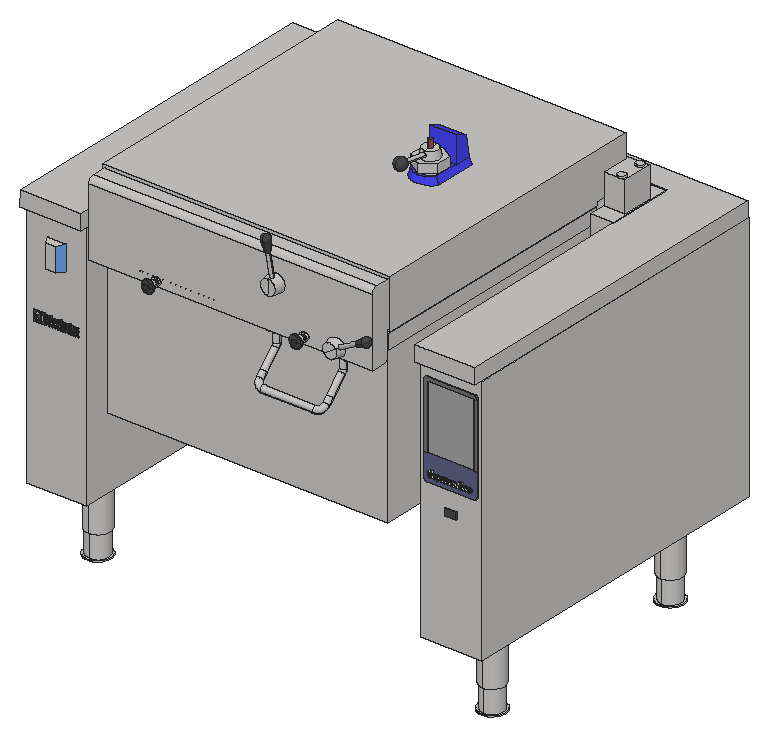
Revit family "QF_ELECTROLUXPROFESSIONAL_587142_PUET09ECIO", category Attrezzature speciali, Revit 2020
Family settings
  Quota connettore circolare = Usa diametro
  Tipo di parte = Normale
  Basato su piano di lavoro = No
  Sempre verticale = Sì
  Taglio con vuoti quando caricato = No
  Condiviso = No
  Punto di calcolo locali = No
Parameters (values of type "Standard")
  Weight = 240.00 kg
  Watts = 15500 W
  Volts = 440 V
  URL Manufacturer = "https://www.electroluxprofessional.com/"
  URL = "https://www.electroluxprofessional.com/"
  Steam Supply Size = 0 mm
  Steam Supply Minimum Pressure = 0.0 Pa
  Steam Supply Maximum Pressure = 0.0 Pa
  Steam Consumption per Hour = 0
  Refrigeration Suction Line Size = 0.0 mm
  Refrigeration Liquid Line Size = 0.0 mm
  Refrigerant Compressor Remote = yes
  Prospetto di default = 0.0 mm
  Produttore = "Electrolux Professional"
  Phase = 3
  Modello = "PUET09ECIO"
  Length Actual = 1200.0 mm  # constant formula
  Item Number = "587142"
  Hot Water Size = 12.7 mm
  Height Actual = 700.0 mm  # constant formula
  HP = "20.8 HP"
  Gas Size = 0 mm
  Gas KW = 0
  Gas Input Pressure = 0 W
  Direct Waste Size = 0 mm
  Descrizione = "ELECTRIC TILTING PRESSURE BRAISING PAN+STEAM+CTS, 90LT,440V,FS,MARINE"
  Depth Actual = 900.0 mm  # constant formula
  Cycle = 50 Hz
  Condensate Return Size = 0 mm
  Compressed Air Volume = 0.0 L/s
  Compressed Air Size = 0 mm
  Compressed Air Pressure = 0.0 Pa
  Cold Water Size = 12.7 mm
  Accessory = yes
Reference planes
  plane 1 "Center (Front/Back)": y = 0
  plane 2: z = 0
  plane 3 "Center (Left/Right)": x = 0
  plane 4 "LEFT": x = -600
  plane 5 "RIGHT": x = 600
  plane 6 "BACK": y = 450
  plane 7 "FRONT": y = -450
  plane 8 "Base": z = 200
  plane 9 "TOP": z = 900
  plane 10: x = -440
  plane 11: x = 440
  plane 12 "Axe_PentolaY": y = -230
  plane 13 "AxePentolaZ": z = 730
  plane 14 "PLANE_TOP": z = 860
  plane 15: y = 380
  plane 16: z = 863
  plane 17: z = 455
  plane 18: z = 299
  plane 19: y = -470
  plane 20 "CentroPentolaY": y = -158
  plane 21 "TopCoperchio": z = 1128
  plane 22 "Versamento": z = 910
  plane 23 "V1": through (-107.18, -558, 4000) normal (-0.7071, -0.7071, 0)
  plane 24 "V2": through (107.18, -558, 4000) normal (-0.7071, 0.7071, 0)
  plane 25 "Gfront": y = -1300
  plane 26 "LEVEL": through (-245.562, -289.383, 4000) normal (0.866, 0.5, 0)
  plane 27 "GRight": x = 250
  plane 28 "GLeft": x = -250
  plane 29 "Gback": y = -100
  plane 30: z = 1789
  plane 31 "Ribaltamento": y = -540
  plane 32 "AxeL": x = -520
  plane 33 "AxeR": x = 520
  plane 34 "Pentola_Back": y = 226
  plane 35 "Pentola_L": x = -370.5
  plane 36 "Pentola_R": x = 370.5
  plane 37: x = -310.5
  plane 38 "axeC1": x = -380
  plane 39 "axeC2": x = 380
  plane 40: z = 395
  plane 41 "CylTop": x = 175
  plane 42 "Maniglione": z = 840
  plane 43 "B1": x = -195
  plane 44 "B2": x = 195
  plane 45 "2Buttons": z = 851.594
Forms (mm)
  Revolve 1, solid, material "QF_Finishes_Stainless Steel"
    sketch origin (0, 0, 730) x (-1, 0, 0) y (0, -1, 0)
      loop
        line (440, 230) -> (-440, 230) -> (-440, 140) -> (-430, 140) -> (-430, 173) -> (430, 173) -> (430, 140) -> (440, 140) -> (440, 230)
      axis (440, 230) -> (-440, 230)
    angle from 0 to 360
  Extrusion 2, solid, material "QF_Finishes_Stainless Steel"
    sketch origin (0, 0, 860) x (-1, 0, 0) y (0, -1, 0)
      loop
        line (600, 450) -> (440, 450) -> (440, -380) -> (-440, -380) -> (-440, 450) -> (-600, 450) -> (-600, -450) -> (600, -450) -> (600, 450)
    from 0 to 40
  Extrusion 3, solid, material "QF_Finishes_Stainless Steel"
    sketch origin (0, 0, 860) x (-1, 0, 0) y (0, -1, 0)
      loop
        line (440, -380) -> (-440, -380) -> (-440, -450) -> (440, -450) -> (440, -380)
    from 0 to -360
  Extrusion 4, solid, material "QF_Finishes_Stainless Steel"
    sketch origin (0, 0, 0) x (0, 1, 0) y (0, 0, 1)
      loop
        line (226, 863) -> (-450, 863) -> (-450, 455) -> (138, 455) -> (226, 643.717) -> (226, 863)
    from -370.5 to 370.5
  Extrusion 5, solid, material "QF_Finishes_Stainless Steel"
    sketch origin (0, 0, 0) x (0, 1, 0) y (0, 0, 1)
      loop
        line (232, 863) -> (232, 900) -> (-450, 900) -> (-450, 863) -> (232, 863)
    from -371 to 371
  Extrusion 6, solid, material "QF_Finishes_Stainless Steel"
    sketch origin (0, 0, 0) x (0, 1, 0) y (0, 0, 1)
      loop
        line (322, 1040) -> (-454, 1040) -> (-454, 910) -> (226, 910) -> (226, 920) -> (322, 920) -> (322, 1040)
    from -379 to 379
  Extrusion 7, solid, material "QF_Finishes_Stainless Steel"
    sketch origin (0, 0, 0) x (0, 1, 0) y (0, 0, 1)
      loop
        line (-454, 1033) -> (-491.635, 1033)
        arc (-491.635, 1033) -> (-502.242, 1028.607) -> (-506.635, 1018) r 15
        line (-506.635, 1018) -> (-506.635, 840) -> (-469, 840)
        arc (-469, 840) -> (-461.929, 842.929) -> (-459, 850) r 10
        line (-459, 850) -> (-459, 915) -> (-454, 915) -> (-454, 1033)
    from -374 to 374
  Extrusion 8, solid, material "QF_Finishes_Stainless Steel"
    sketch origin (0, 0, 0) x (0, 1, 0) y (0, 0, 1)
      loop
        line (380, 900) -> (205, 900) -> (205, 500) -> (380, 500) -> (380, 900)
    from -440 to -380
  Extrusion 9, solid, material "QF_Finishes_Stainless Steel"
    sketch origin (0, -450, 0) x (-1, 0, 0) y (0, 0, 1)
      loop
        line (437.337, 980) -> (379, 980) -> (379, 925) -> (382.237, 925) -> (382.237, 900) -> (437.337, 900) -> (437.337, 980)
    from 700 to 780
  Extrusion 10, solid, material "QF_Finishes_Stainless Steel"
    sketch origin (0, 0, 0) x (0, 1, 0) y (0, 0, -1)
      loop
        line (380, -900) -> (380, -500) -> (205, -500) -> (205, -900) -> (380, -900)
    from -440 to -380
  Extrusion 11, solid, material "QF_Finishes_Stainless Steel"
    sketch origin (0, -450, 0) x (1, 0, 0) y (0, 0, -1)
      loop
        line (435, -980) -> (435, -900) -> (382.237, -900) -> (382.237, -925) -> (379, -925) -> (379, -980) -> (435, -980)
    from 700 to 780
  Extrusion 12, solid, material "QF_Door-Drawer Clearances", detail levels coarse
    sketch origin (0, 53.912, -5.039) x (0, 1, 0) y (0, 0, 1)
      loop
        line (285.597, 942.365) -> (326.088, 958.724) -> (61.023, 1686.986) -> (56.324, 1685.276) -> (39.223, 1732.26) -> (-10.336, 1714.222) -> (-16.625, 1723.204) -> (44.811, 1766.222) -> (47.679, 1762.126) -> (68.307, 1773.56) -> (53.967, 1794.039) -> (36.168, 1778.566) -> (39.036, 1774.47) -> (-22.401, 1731.452) -> (-26.038, 1736.646) -> (-53.912, 1726.501) -> (-53.912, 1698.362) -> (-144.017, 1665.566)
        arc (-144.017, 1665.566) -> (-428.228, 1400.497) -> (-556.518, 1033.645) r 811.154
        arc (-556.518, 1033.645) -> (-551.652, 1036.897) -> (-545.912, 1038.039) r 15
        line (-545.912, 1038.039) -> (-507.912, 1038.039) -> (-507.912, 1045.039) -> (268.088, 1045.039) -> (268.088, 987.365) -> (285.597, 987.365) -> (285.597, 942.365)
      loop
        line (-503.912, 515.039) -> (-503.912, 845.039) -> (-576.071, 845.039)
        arc (-576.071, 845.039) -> (-586.466, 669.876) -> (-503.912, 515.039) r 323.607
    from 105 to -105
  Extrusion 13, solid, material "QF_Finishes_Stainless Steel"
    sketch origin (0, 0, 900) x (0, 1, 0) y (-1, 0, 0)
      loop
        circle (320, 418.441) r 10
      loop
        circle (260, 418.441) r 10
      loop
        circle (320, -418.441) r 10
      loop
        circle (260, -418.441) r 10
    from 82.326 to 80
  Revolve 14, solid, material "QF_Plastic-Black-Matte"
    sketch origin (0, 0, 851.594) x (-1, 0, 0) y (0, -1, 0)
      loop
        line (203.234, 529.683) -> (210.348, 533.79)
        arc (210.348, 533.79) -> (211.528, 535.834) -> (210.348, 537.878) r 2.36
        line (210.348, 537.878) -> (203.234, 540) -> (195, 540) -> (195, 529.683) -> (203.234, 529.683)
      axis (195, 529.683) -> (195, 540)
    angle from 0 to 360
  Revolve 15, solid, material "QF_Finishes_Stainless Steel"
    sketch origin (0, 0, 851.594) x (-1, 0, 0) y (0, -1, 0)
      loop
        line (195, 506.635) -> (205.299, 506.635) -> (205.299, 511.677) -> (200.299, 511.677) -> (200.299, 519.683) -> (203.234, 519.683) -> (203.234, 529.683) -> (195, 529.683) -> (195, 506.635)
      axis (195, 506.635) -> (195, 529.683)
    angle from 0 to 360
  Revolve 16, solid, material "QF_Plastic-Black-Matte"
    sketch origin (390, 0, 858.402) x (-1, 0, 0) y (0, -1, 0)
      loop
        line (203.234, 529.683) -> (210.348, 533.79)
        arc (210.348, 533.79) -> (211.528, 535.834) -> (210.348, 537.878) r 2.36
        line (210.348, 537.878) -> (203.234, 540) -> (195, 540) -> (195, 529.683) -> (203.234, 529.683)
      axis (195, 529.683) -> (195, 540)
    angle from 0 to 360
  Revolve 17, solid, material "QF_Finishes_Stainless Steel"
    sketch origin (390, 0, 858.402) x (-1, 0, 0) y (0, -1, 0)
      loop
        line (195, 506.635) -> (205.299, 506.635) -> (205.299, 511.677) -> (200.299, 511.677) -> (200.299, 519.683) -> (203.234, 519.683) -> (203.234, 529.683) -> (195, 529.683) -> (195, 506.635)
      axis (195, 506.635) -> (195, 529.683)
    angle from 0 to 360
Lines and regions (mm)
  symbolic lines
    curve 1: line (600, 450, 900) -> (-600, 450, 900)
    curve 2: line (600, -450, 900) -> (600, 450, 900)
    curve 3: line (-600, 450, 900) -> (-600, -450, 900)
    curve 4: line (-600, -450, 900) -> (-440, -450, 900)
    curve 5: line (-440, -450, 900) -> (-440, 380, 900)
    curve 6: line (440, -450, 900) -> (600, -450, 900)
    curve 7: line (430, -140, 900) -> (430, -320, 900)
    curve 8: line (-430, -140, 900) -> (-430, -320, 900)
    curve 9: line (-430, -140, 900) -> (-440, -140, 900)
    curve 10: line (-430, -320, 900) -> (-440, -320, 900)
    curve 11: line (430, -140, 900) -> (440, -140, 900)
    curve 12: line (430, -320, 900) -> (440, -320, 900)
    curve 17: line (-430, -172.761, 900) -> (-375.169, -172.761, 900)
    curve 18: line (-430, -286.868, 900) -> (-376.5, -286.868, 900)
    curve 19: line (430, -172.761, 900) -> (376.5, -172.761, 900)
    curve 20: line (430, -286.868, 900) -> (376.5, -286.868, 900)
    curve 39: line (600, 380, 900) -> (-600, 380, 900)
    curve 40: line (440, 270, 900) -> (440, -450, 900)
    curve 41: line (-379, -454, 900) -> (379, -454, 900)
    curve 42: line (-379, 322, 900) -> (-379, -454, 900)
    curve 43: line (379, 322, 900) -> (-379, 322, 900)
    curve 44: line (379, -454, 900) -> (379, 322, 900)
    curve 45: line (-379, 322, 900) -> (-379, 330, 900)
    curve 46: line (-379, 330, 900) -> (-437.337, 330, 900)
    curve 47: line (-437.337, 330, 900) -> (-437.337, 250, 900)
    curve 48: line (-437.337, 250, 900) -> (-379, 250, 900)
    curve 49: line (-440, 205, 900) -> (-379, 205, 900)
    curve 50: circle (-418.441, 320, 900) r 10 normal (0, 0, 1)
    curve 51: circle (-418.441, 260, 900) r 10 normal (0, 0, 1)
    curve 52: line (379, 322, 900) -> (379, 330, 900)
    curve 53: line (379, 330, 900) -> (435, 330, 900)
    curve 54: line (435, 330, 900) -> (435, 250, 900)
    curve 55: line (435, 250, 900) -> (379, 250, 900)
    curve 56: line (440, 205, 900) -> (379, 205, 900)
    curve 57: circle (418.441, 320, 900) r 10 normal (0, 0, 1)
    curve 58: circle (418.441, 260, 900) r 10 normal (0, 0, 1)
    curve 59: line (-205.299, -506.635, 900) -> (-205.299, -511.677, 900)
    curve 60: line (-205.299, -511.677, 900) -> (-184.701, -511.677, 900)
    curve 61: line (-184.701, -511.677, 900) -> (-184.701, -506.635, 900)
    curve 62: line (-200.299, -519.683, 900) -> (-200.299, -511.677, 900)
    curve 63: line (-189.701, -519.683, 900) -> (-189.701, -511.677, 900)
    curve 64: line (-203.234, -519.683, 900) -> (-186.766, -519.683, 900)
    curve 65: line (-186.766, -519.683, 900) -> (-186.766, -529.683, 900)
    curve 66: line (-186.766, -529.683, 900) -> (-203.234, -529.683, 900)
    curve 67: line (-203.234, -529.683, 900) -> (-203.234, -519.683, 900)
    curve 68: line (-186.766, -529.683, 900) -> (-179.646, -533.794, 900)
    curve 69: line (-203.234, -540, 900) -> (-186.766, -540, 900)
    curve 70: line (-186.766, -540, 900) -> (-179.652, -537.878, 900)
    curve 71: line (-203.234, -540, 900) -> (-210.348, -537.878, 900)
    curve 72: arc (-179.652, -537.878, 900) -> (-178.468, -535.838, 900) -> (-179.646, -533.794, 900) r 2.356
    curve 73: line (-203.234, -529.683, 900) -> (-210.354, -533.794, 900)
    curve 74: arc (-210.348, -537.878, 900) -> (-211.532, -535.838, 900) -> (-210.354, -533.794, 900) r 2.356
    curve 75: line (184.701, -506.635, 900) -> (184.701, -511.677, 900)
    curve 76: line (184.701, -511.677, 900) -> (205.299, -511.677, 900)
    curve 77: line (205.299, -511.677, 900) -> (205.299, -506.635, 900)
    curve 78: line (189.701, -519.683, 900) -> (189.701, -511.677, 900)
    curve 79: line (200.299, -519.683, 900) -> (200.299, -511.677, 900)
    curve 80: line (186.766, -519.683, 900) -> (203.234, -519.683, 900)
    curve 81: line (203.234, -519.683, 900) -> (203.234, -529.683, 900)
    curve 82: line (203.234, -529.683, 900) -> (186.766, -529.683, 900)
    curve 83: line (186.766, -529.683, 900) -> (186.766, -519.683, 900)
    curve 84: line (203.234, -529.683, 900) -> (210.354, -533.794, 900)
    curve 85: line (186.766, -540, 900) -> (203.234, -540, 900)
    curve 86: line (203.234, -540, 900) -> (210.348, -537.878, 900)
    curve 87: line (186.766, -540, 900) -> (179.652, -537.878, 900)
    curve 88: arc (210.348, -537.878, 900) -> (211.532, -535.838, 900) -> (210.354, -533.794, 900) r 2.356
    curve 89: line (186.766, -529.683, 900) -> (179.646, -533.794, 900)
    curve 90: arc (179.652, -537.878, 900) -> (178.468, -535.838, 900) -> (179.646, -533.794, 900) r 2.356
    curve 92: line (-379, -454, 900) -> (-379, -506.635, 900)
    curve 93: line (-379, -506.635, 900) -> (374, -506.635, 900)
    curve 94: line (374, -506.635, 900) -> (374, -454, 900)
  symbolic lines, style "SpecialityEquipmentHiddenLines"
    curve 13: line (-250, -1300, 900) -> (250, -1300, 900)
    curve 14: line (-250, -100, 900) -> (-250, -1300, 900)
    curve 15: line (250, -1300, 900) -> (250, -100, 900)
    curve 37: line (0, -1165.484, 900) -> (0, -1135.484, 900)
    curve 38: line (-15, -1150.484, 900) -> (15, -1150.484, 900)
    curve 91: line (-250, -100, 900) -> (250, -100, 900)
  symbolic lines, style "SpecialityEquipment"
    curve 16: circle (0, -1150.484, 900) r 15 normal (0, 0, 1)
    curve 21: line (210, -1300, 900) -> (210, -1100, 900)
    curve 22: line (170, -1300, 900) -> (170, -1140, 900)
    curve 23: line (130, -1300, 900) -> (130, -1180, 900)
    curve 24: line (90, -1300, 900) -> (90, -1220, 900)
    curve 25: line (90, -1260, 900) -> (250, -1260, 900)
    curve 26: line (130, -1220, 900) -> (250, -1220, 900)
    curve 27: line (170, -1180, 900) -> (250, -1180, 900)
    curve 28: line (210, -1140, 900) -> (250, -1140, 900)
    curve 29: line (-210, -1300, 900) -> (-210, -1100, 900)
    curve 30: line (-170, -1300, 900) -> (-170, -1140, 900)
    curve 31: line (-130, -1300, 900) -> (-130, -1180, 900)
    curve 32: line (-90, -1300, 900) -> (-90, -1220, 900)
    curve 33: line (-90, -1260, 900) -> (-250, -1260, 900)
    curve 34: line (-130, -1220, 900) -> (-250, -1220, 900)
    curve 35: line (-170, -1180, 900) -> (-250, -1180, 900)
    curve 36: line (-210, -1140, 900) -> (-250, -1140, 900)
Dimensions and locks
  plane 4 "LEFT" to plane 5 "RIGHT" = 1200.0 mm
  equal spacing: plane 4 "LEFT", plane 3 "Center (Left/Right)", plane 5 "RIGHT"
  equal spacing: plane 6 "BACK", plane 1 "Center (Front/Back)", plane 7 "FRONT"
  plane 6 "BACK" to plane 7 "FRONT" = 900.0 mm
  plane 8 "Base" to level = 200.0 mm
  plane 9 "TOP" to level = 900.0 mm
  plane 9 "TOP" to plane 8 "Base" = 700.0 mm
  locked: plane 4 "LEFT" to plane 10 at 160
  locked: plane 11 to plane 5 "RIGHT" at 160
  locked: plane 6 "BACK" to plane 12 "Axe_PentolaY" at 680
  locked: plane 13 "AxePentolaZ" to plane 8 "Base" at 530
  locked: Revolve 1 sketch curve to Revolve 1 sketch curve at 57
  locked: Revolve 1 sketch curve to Revolve 1 sketch curve at 90
  locked: plane 10 to Revolve 1 sketch curve at 10
  locked: Revolve 1 sketch curve to plane 11 at 10
  locked: plane 9 "TOP" to plane 14 "PLANE_TOP" at 40
  plane 6 "BACK" to plane 15 = 70.0 mm
  locked: plane 16 to plane 13 "AxePentolaZ" at 133
  plane 6 "BACK" to plane 19 = 920.0 mm
  locked: plane 6 "BACK" to plane 20 "CentroPentolaY" at 608
  locked: plane 21 "TopCoperchio" to plane 9 "TOP" at 228
  locked: plane 22 "Versamento" to level at 910
  plane 6 "BACK" to plane 25 "Gfront" = 1750.0 mm
  locked: plane 28 "GLeft" to plane 3 "Center (Left/Right)" at 250
  locked: plane 3 "Center (Left/Right)" to plane 27 "GRight" at 250
  plane 6 "BACK" to plane 29 "Gback" = 550.0 mm
  plane 30 to plane 9 "TOP" = 889.0 mm
  plane 6 "BACK" to plane 31 "Ribaltamento" = 990.0 mm
  equal spacing: plane 10, plane 32 "AxeL", plane 4 "LEFT"
  equal spacing: plane 5 "RIGHT", plane 33 "AxeR", plane 11
  locked: plane 36 "Pentola_R" to plane 35 "Pentola_L" at 741
  equal spacing: plane 36 "Pentola_R", plane 3 "Center (Left/Right)", plane 35 "Pentola_L"
  locked: Extrusion 5 sketch curve to plane 34 "Pentola_Back" at 6
  plane 34 "Pentola_Back" to plane 12 "Axe_PentolaY" = 456.0 mm
  locked: plane 37 to plane 35 "Pentola_L" at 60
  plane 4 "LEFT" to plane 38 "axeC1" = 220.0 mm
  plane 39 "axeC2" to plane 5 "RIGHT" = 220.0 mm
  plane 35 "Pentola_L" to Extrusion 6 = 8.5 mm
  Extrusion 6 to plane 36 "Pentola_R" = 8.5 mm
  locked: plane 13 "AxePentolaZ" to plane 17 at 275
  plane 18 to level = 299.0 mm
  plane 17 to level = 455.0 mm
  plane 40 to level = 395.0 mm
  plane 3 "Center (Left/Right)" to plane 43 "B1" = 195.0 mm
  plane 44 "B2" to plane 3 "Center (Left/Right)" = 195.0 mm
  aligned and locked: level to plane 2
  aligned and locked: plane 5 "RIGHT" to nested 2
  aligned and locked: plane 4 "LEFT" to nested 1
  aligned and locked: plane 8 "Base" to nested 1
  aligned and locked: plane 6 "BACK" to nested 2
  aligned and locked: plane 10 to Revolve 1 sketch curve
  aligned and locked: plane 11 to Revolve 1 sketch curve
  aligned and locked: plane 4 "LEFT" to Extrusion 2 sketch curve
  aligned and locked: Extrusion 2 sketch curve to plane 10
  aligned and locked: plane 7 "FRONT" to Extrusion 2 sketch curve  (x2)
  aligned and locked: Extrusion 2 sketch curve to plane 5 "RIGHT"
  aligned and locked: plane 11 to Extrusion 2 sketch curve
  aligned and locked: Extrusion 2 sketch curve to plane 6 "BACK"
  aligned and locked: plane 15 to Extrusion 2 sketch curve
  aligned and locked: Extrusion 3 sketch curve to plane 10
  aligned and locked: plane 6 "BACK" to Extrusion 3 sketch curve
  aligned and locked: plane 11 to Extrusion 3 sketch curve
  aligned and locked: Extrusion 3 sketch curve to plane 15
  aligned and locked: curve 13 to plane 25 "Gfront"
  aligned and locked: curve 14 to plane 28 "GLeft"
  aligned and locked: plane 27 "GRight" to curve 15
  aligned and locked: plane 33 "AxeR" to nested 3
  aligned and locked: plane 17 to Extrusion 4 sketch curve
  aligned and locked: Extrusion 5 sketch curve to plane 16
  aligned and locked: plane 9 "TOP" to Extrusion 5 sketch curve
  aligned and locked: Extrusion 4 to plane 35 "Pentola_L"
  aligned and locked: plane 36 "Pentola_R" to Extrusion 4
  aligned and locked: plane 32 "AxeL" to nested 5
Automatic sketch dimensions
  plane 12 "Axe_PentolaY" to Revolve 1 sketch curve = 0.0 mm
  Revolve 1 sketch curve to plane 12 "Axe_PentolaY" = 0.0 mm
  plane 20 "CentroPentolaY" to Revolve 1 sketch curve = 18.0 mm
  plane 5 "RIGHT" to Revolve 1 sketch curve = 432.098 mm
  Revolve 1 sketch curve to plane 4 "LEFT" = 580.148 mm
  Extrusion 4 sketch curve to plane 7 "FRONT" = 0.0 mm
  Extrusion 4 sketch curve to plane 34 "Pentola_Back" = 0.0 mm
  Extrusion 4 sketch curve to plane 16 = 0.0 mm
  Extrusion 4 sketch curve to plane 34 "Pentola_Back" = 88.0 mm
  Extrusion 4 sketch curve to plane 13 "AxePentolaZ" = 86.283 mm
  Extrusion 5 sketch curve to plane 7 "FRONT" = 0.0 mm
  Extrusion 6 sketch curve to plane 22 "Versamento" = 0.0 mm
  Extrusion 6 sketch curve to plane 34 "Pentola_Back" = 0.0 mm
  Extrusion 6 sketch curve to plane 7 "FRONT" = 4.0 mm
  Extrusion 6 sketch curve to plane 15 = 58.0 mm
  plane 22 "Versamento" to Extrusion 6 sketch curve = 10.0 mm
  Extrusion 6 sketch curve to plane 21 "TopCoperchio" = 88.0 mm
  Extrusion 7 sketch curve to plane 42 "Maniglione" = 0.0 mm
  plane 31 "Ribaltamento" to Extrusion 7 sketch curve = 33.365 mm
  Extrusion 7 sketch curve to Extrusion 7 sketch curve = 15.0 mm
  plane 19 to Extrusion 7 sketch curve = 1.0 mm
  Extrusion 7 sketch curve to plane 7 "FRONT" = 9.0 mm
  Extrusion 7 sketch curve to plane 7 "FRONT" = 4.0 mm
  plane 22 "Versamento" to Extrusion 7 sketch curve = 5.0 mm
  plane 22 "Versamento" to Extrusion 7 sketch curve = 108.0 mm
  Extrusion 8 sketch curve to plane 9 "TOP" = 0.0 mm
  Extrusion 8 sketch curve to plane 15 = 0.0 mm
  Extrusion 8 sketch curve to plane 34 "Pentola_Back" = 21.0 mm
  plane 17 to Extrusion 8 sketch curve = 45.0 mm
  Extrusion 9 sketch curve to plane 9 "TOP" = 0.0 mm
  plane 38 "axeC1" to Extrusion 9 sketch curve = 1.0 mm
  Extrusion 9 sketch curve to plane 38 "axeC1" = 2.237 mm
  plane 10 to Extrusion 9 sketch curve = 2.663 mm
  plane 22 "Versamento" to Extrusion 9 sketch curve = 15.0 mm
  plane 22 "Versamento" to Extrusion 9 sketch curve = 70.0 mm
  Extrusion 10 sketch curve to plane 9 "TOP" = 0.0 mm
  Extrusion 10 sketch curve to plane 15 = 0.0 mm
  Extrusion 10 sketch curve to plane 34 "Pentola_Back" = 21.0 mm
  plane 17 to Extrusion 10 sketch curve = 45.0 mm
  Extrusion 11 sketch curve to plane 9 "TOP" = 0.0 mm
  plane 39 "axeC2" to Extrusion 11 sketch curve = 1.0 mm
  Extrusion 11 sketch curve to plane 39 "axeC2" = 2.237 mm
  plane 11 to Extrusion 11 sketch curve = 5.0 mm
  Extrusion 11 sketch curve to plane 22 "Versamento" = 15.0 mm
  Extrusion 11 sketch curve to plane 22 "Versamento" = 70.0 mm
  plane 34 "Pentola_Back" to Extrusion 13 sketch curve = 34.0 mm  (x2)
  Extrusion 13 sketch curve to plane 11 = 21.559 mm  (x2)
  Extrusion 13 sketch curve to plane 15 = 60.0 mm  (x2)
  plane 10 to Extrusion 13 sketch curve = 21.559 mm  (x2)
  Revolve 14 sketch curve to plane 43 "B1" = 0.0 mm  (x2)
  Revolve 14 sketch curve to plane 31 "Ribaltamento" = 0.0 mm
  plane 43 "B1" to Revolve 14 sketch curve = 8.234 mm  (x2)
  Revolve 14 sketch curve to Revolve 14 sketch curve = 5.934 mm
  plane 31 "Ribaltamento" to Revolve 14 sketch curve = 2.122 mm
  Revolve 14 sketch curve to Revolve 14 sketch curve = 1.18 mm  (x2)
  plane 31 "Ribaltamento" to Revolve 14 sketch curve = 6.21 mm
  Revolve 14 sketch curve to Revolve 14 sketch curve = 10.317 mm
  plane 19 to Revolve 14 sketch curve = 8.375 mm
  Revolve 14 sketch curve to plane 31 "Ribaltamento" = 31.625 mm
  Revolve 15 sketch curve to plane 43 "B1" = 0.0 mm  (x2)
  plane 43 "B1" to Revolve 15 sketch curve = 5.299 mm
  Revolve 15 sketch curve to Revolve 15 sketch curve = 2.935 mm
  Revolve 15 sketch curve to Revolve 15 sketch curve = 5.0 mm
  plane 31 "Ribaltamento" to Revolve 15 sketch curve = 33.365 mm
  Revolve 15 sketch curve to Revolve 15 sketch curve = 5.042 mm
  Revolve 15 sketch curve to Revolve 15 sketch curve = 8.006 mm
  Revolve 15 sketch curve to Revolve 15 sketch curve = 10.0 mm
  Revolve 15 sketch curve to Revolve 15 sketch curve = 12.948 mm
  Revolve 15 sketch curve to plane 31 "Ribaltamento" = 16.844 mm
  Revolve 16 sketch curve to plane 44 "B2" = 0.0 mm  (x2)
  Revolve 16 sketch curve to plane 31 "Ribaltamento" = 0.0 mm
  Revolve 16 sketch curve to plane 44 "B2" = 8.234 mm  (x2)
  plane 41 "CylTop" to Revolve 16 sketch curve = 5.833 mm
  plane 31 "Ribaltamento" to Revolve 16 sketch curve = 2.122 mm
  Revolve 16 sketch curve to Revolve 16 sketch curve = 1.18 mm  (x2)
  Revolve 16 sketch curve to Revolve 16 sketch curve = 2.044 mm
  Revolve 16 sketch curve to Revolve 16 sketch curve = 10.317 mm
  plane 19 to Revolve 16 sketch curve = 8.375 mm
  Revolve 16 sketch curve to plane 31 "Ribaltamento" = 31.625 mm
  Revolve 17 sketch curve to plane 44 "B2" = 0.0 mm  (x2)
  Revolve 17 sketch curve to plane 44 "B2" = 5.299 mm
  Revolve 17 sketch curve to Revolve 17 sketch curve = 2.935 mm
  Revolve 17 sketch curve to Revolve 17 sketch curve = 5.0 mm
  plane 31 "Ribaltamento" to Revolve 17 sketch curve = 33.365 mm
  Revolve 17 sketch curve to Revolve 17 sketch curve = 5.042 mm
  Revolve 17 sketch curve to Revolve 17 sketch curve = 8.006 mm
  Revolve 17 sketch curve to Revolve 17 sketch curve = 10.0 mm
  Revolve 17 sketch curve to Revolve 17 sketch curve = 12.948 mm
  Revolve 17 sketch curve to plane 31 "Ribaltamento" = 16.844 mm
  Extrusion 12 sketch curve to plane 42 "Maniglione" = 0.0 mm
  Extrusion 12 sketch curve to plane 7 "FRONT" = 0.0 mm
  Extrusion 12 sketch curve to plane 1 "Center (Front/Back)" = 0.0 mm
  Extrusion 12 sketch curve to plane 30 = 0.0 mm
  Extrusion 12 sketch curve to plane 15 = 0.0 mm
  Extrusion 12 sketch curve to plane 7 "FRONT" = 4.0 mm
  Extrusion 12 sketch curve to plane 19 = 22.0 mm
  plane 31 "Ribaltamento" to Extrusion 12 sketch curve = 17.841 mm
  plane 13 "AxePentolaZ" to Extrusion 12 sketch curve = 3.966 mm
  plane 12 "Axe_PentolaY" to Extrusion 12 sketch curve = 13.583 mm
  plane 29 "Gback" to Extrusion 12 sketch curve = 9.895 mm
  Extrusion 12 sketch curve to plane 1 "Center (Front/Back)" = 27.874 mm
  Extrusion 12 sketch curve to plane 30 = 15.473 mm
  Extrusion 12 sketch curve to Extrusion 12 sketch curve = 62.206 mm
  Extrusion 12 sketch curve to Extrusion 12 sketch curve = 2.868 mm  (x2)
  Extrusion 12 sketch curve to plane 30 = 61.778 mm
  Extrusion 12 sketch curve to Extrusion 12 sketch curve = 0.188 mm
  Extrusion 12 sketch curve to Extrusion 12 sketch curve = 8.644 mm
  Extrusion 12 sketch curve to Extrusion 12 sketch curve = 17.799 mm
  Extrusion 12 sketch curve to plane 30 = 108.763 mm
  Extrusion 12 sketch curve to Extrusion 12 sketch curve = 17.101 mm
  Extrusion 12 sketch curve to Extrusion 12 sketch curve = 4.698 mm
  Extrusion 12 sketch curve to plane 30 = 20.479 mm
  Extrusion 12 sketch curve to Extrusion 12 sketch curve = 20.627 mm
  Extrusion 12 sketch curve to plane 15 = 75.072 mm
  Extrusion 12 sketch curve to Extrusion 12 sketch curve = 17.072 mm
  Extrusion 12 sketch curve to Extrusion 12 sketch curve = 17.509 mm
  plane 22 "Versamento" to Extrusion 12 sketch curve = 27.326 mm
  Extrusion 12 sketch curve to Extrusion 12 sketch curve = 14.739 mm
  Extrusion 12 sketch curve to Extrusion 12 sketch curve = 30.261 mm
  plane 22 "Versamento" to Extrusion 12 sketch curve = 108.0 mm
  Extrusion 12 sketch curve to Extrusion 12 sketch curve = 15.0 mm
  Extrusion 12 sketch curve to Extrusion 12 sketch curve = 7.0 mm
  Extrusion 12 sketch curve to Extrusion 12 sketch curve = 28.139 mm
  Extrusion 12 sketch curve to Extrusion 12 sketch curve = 10.145 mm
  Extrusion 12 sketch curve to Extrusion 12 sketch curve = 5.776 mm
  Extrusion 12 sketch curve to Extrusion 12 sketch curve = 8.248 mm
  Extrusion 12 sketch curve to Extrusion 12 sketch curve = 3.637 mm
  Extrusion 12 sketch curve to Extrusion 12 sketch curve = 12.344 mm
  level to Extrusion 12 sketch curve = 1709.183 mm
  Extrusion 12 sketch curve to Extrusion 12 sketch curve = 32.796 mm
  curve 37 to plane 3 "Center (Left/Right)" = 0.0 mm
  curve 16 to plane 3 "Center (Left/Right)" = 0.0 mm
  curve 69 to plane 31 "Ribaltamento" = 0.0 mm
  curve 86 to plane 31 "Ribaltamento" = 0.0 mm
  curve 2 to plane 5 "RIGHT" = 0.0 mm
  curve 2 to plane 7 "FRONT" = 0.0 mm
  curve 3 to plane 4 "LEFT" = 0.0 mm
  curve 3 to plane 7 "FRONT" = 0.0 mm
  curve 10 to plane 10 = 0.0 mm
  curve 12 to plane 11 = 0.0 mm
  curve 15 to plane 29 "Gback" = 0.0 mm
  curve 39 to plane 15 = 0.0 mm
  curve 2 to plane 6 "BACK" = 0.0 mm
  plane 25 "Gfront" to curve 16 = 149.516 mm
  plane 31 "Ribaltamento" to curve 70 = 2.122 mm
  plane 31 "Ribaltamento" to curve 86 = 2.122 mm
  plane 31 "Ribaltamento" to curve 71 = 2.122 mm
  plane 31 "Ribaltamento" to curve 87 = 2.122 mm
  curve 86 to curve 88 = 2.044 mm
  curve 71 to curve 74 = 2.044 mm
  curve 70 to curve 72 = 2.044 mm
  curve 90 to curve 90 = 2.044 mm
  plane 41 "CylTop" to curve 89 = 4.646 mm
  curve 90 to curve 89 = 2.04 mm
  curve 88 to curve 84 = 2.04 mm
  curve 74 to curve 73 = 2.04 mm
  curve 72 to curve 68 = 2.04 mm
  curve 68 to curve 65 = 4.111 mm
  curve 84 to curve 81 = 4.111 mm
  curve 82 to curve 80 = 10.0 mm
  curve 66 to curve 67 = 10.0 mm
  curve 64 to curve 59 = 8.006 mm
  curve 80 to curve 77 = 8.006 mm
  plane 38 "axeC1" to curve 93 = 1.0 mm
  plane 31 "Ribaltamento" to curve 93 = 33.365 mm
  curve 7 to plane 11 = 10.0 mm
  curve 7 to plane 12 "Axe_PentolaY" = 90.0 mm
  plane 10 to curve 8 = 10.0 mm
  curve 8 to plane 12 "Axe_PentolaY" = 90.0 mm
  plane 20 "CentroPentolaY" to curve 8 = 18.0 mm
  plane 20 "CentroPentolaY" to curve 11 = 18.0 mm
  curve 54 to plane 11 = 5.0 mm
  plane 34 "Pentola_Back" to curve 54 = 24.0 mm
  plane 10 to curve 48 = 2.663 mm
  plane 34 "Pentola_Back" to curve 48 = 24.0 mm
  curve 47 to curve 51 = 10.0 mm
  curve 54 to curve 58 = 10.0 mm
  curve 57 to plane 11 = 21.559 mm
  curve 57 to plane 15 = 60.0 mm
  plane 10 to curve 50 = 21.559 mm
  curve 50 to plane 15 = 60.0 mm
  curve 52 to plane 39 "axeC2" = 1.0 mm
  curve 57 to curve 52 = 2.0 mm
  curve 42 to curve 46 = 8.0 mm
  curve 43 to curve 52 = 8.0 mm
  curve 54 to curve 58 = 16.559 mm
  plane 44 "B2" to curve 84 = 15.354 mm
  curve 84 to curve 86 = 0.007 mm
  plane 44 "B2" to curve 76 = 10.299 mm
  curve 84 to curve 82 = 7.12 mm
  curve 88 to curve 85 = 5.943 mm
  curve 87 to plane 44 "B2" = 8.234 mm
  curve 89 to curve 89 = 7.12 mm
  curve 80 to curve 76 = 2.065 mm
  curve 90 to curve 89 = 1.178 mm
  curve 68 to plane 43 "B1" = 15.354 mm
  curve 68 to curve 70 = 0.007 mm
  curve 60 to plane 43 "B1" = 10.299 mm
  curve 72 to curve 69 = 5.943 mm
  curve 68 to curve 66 = 7.12 mm
  plane 43 "B1" to curve 64 = 8.234 mm
  plane 43 "B1" to curve 69 = 8.234 mm
  curve 64 to curve 60 = 2.065 mm
  curve 69 to curve 74 = 5.943 mm
  curve 74 to curve 71 = 1.171 mm
  curve 51 to curve 47 = 18.896 mm
  curve 13 to curve 25 = 40.0 mm
  curve 13 to curve 33 = 40.0 mm
  curve 33 to curve 34 = 40.0 mm
  curve 25 to curve 24 = 40.0 mm
  curve 34 to curve 32 = 0.0 mm
  curve 24 to curve 26 = 0.0 mm
  curve 26 to curve 27 = 40.0 mm
  curve 34 to curve 35 = 40.0 mm
  curve 23 to curve 27 = 0.0 mm
  curve 35 to curve 31 = 0.0 mm
  curve 37 to curve 16 = 15.0 mm
  curve 16 to curve 38 = 0.0 mm
  plane 44 "B2" to curve 28 = 15.0 mm
  curve 27 to curve 28 = 40.0 mm
  curve 35 to curve 36 = 40.0 mm
  curve 36 to curve 30 = 0.0 mm
  curve 22 to plane 41 "CylTop" = 5.0 mm
  curve 27 to curve 22 = 40.0 mm
  plane 43 "B1" to curve 29 = 15.0 mm
  curve 36 to curve 29 = 40.0 mm
  curve 28 to curve 21 = 40.0 mm
  curve 94 to plane 7 "FRONT" = 4.0 mm
  curve 20 to plane 39 "axeC2" = 3.5 mm
  curve 20 to plane 12 "Axe_PentolaY" = 56.868 mm
  curve 8 to curve 18 = 33.132 mm
  curve 17 to plane 20 "CentroPentolaY" = 14.761 mm
  curve 19 to plane 39 "axeC2" = 3.5 mm
  curve 19 to plane 20 "CentroPentolaY" = 14.761 mm
  curve 56 to plane 34 "Pentola_Back" = 21.0 mm
  curve 49 to plane 34 "Pentola_Back" = 21.0 mm
  curve 54 to curve 40 = 20.0 mm
  plane 36 "Pentola_R" to curve 94 = 3.5 mm
  curve 76 to curve 79 = 5.0 mm
  curve 78 to curve 75 = 5.0 mm
  curve 27 to curve 23 = 40.0 mm
  curve 23 to curve 24 = 40.0 mm
  curve 33 to plane 3 "Center (Left/Right)" = 90.0 mm
  curve 32 to curve 31 = 40.0 mm
  curve 30 to plane 43 "B1" = 25.0 mm
  curve 60 to curve 63 = 5.0 mm
  curve 62 to curve 59 = 5.0 mm
  curve 17 to plane 35 "Pentola_L" = 4.669 mm
  plane 38 "axeC1" to curve 18 = 3.5 mm
  radius of Extrusion 13 sketch curve = 10.0 mm  (x4)
  radius of curve 50 = 10.0 mm
  radius of curve 51 = 10.0 mm
  radius of curve 57 = 10.0 mm
  radius of curve 58 = 10.0 mm
Nested families
  nested 1: "QF_ELECTROLUXPROFESSIONAL_PUETNB900_LEFT" at (-520, 0, 0), type "QF_ELECTROLUXPROFESSIONAL_PUETNB900_LEFT"
    with Body Finish QF_Finishes_Stainless Steel
  nested 2: "QF_ELECTROLUXPROFESSIONAL_PUETNB900_RIGHT" at (520, 0, 0), type "QF_ELECTROLUXPROFESSIONAL_PUETNB900_RIGHT"
    with Body Finish QF_Finishes_Stainless Steel
  nested 3: "QF_ELECTROLUXPROFESSIONAL_2FEET_THL_120xH200" at (520, 10, 0), type "QF_ELECTROLUXPROFESSIONAL_2FEET_THL_120xH200"
  nested 4: "QF_ELECTROLUXPROFESSIONAL_PUET900_LEVEL1" at (175, -67.07, 1040), type "QF_ELECTROLUXPROFESSIONAL_PUET900_LEVEL1"
  nested 5: "QF_ELECTROLUXPROFESSIONAL_2FEET_THL_120xH200" at (-520, 10, 0), type "QF_ELECTROLUXPROFESSIONAL_2FEET_THL_120xH200"
  nested 6: "QF_ELECTROLUXPROFESSIONAL_PUET900_LEVEL2" at (119.18, -506.635, 958), type "QF_ELECTROLUXPROFESSIONAL_PUET900_LEVEL2"
  nested 7: "QF_ELECTROLUXPROFESSIONAL_PUET900_LEVEL3" at (279.18, -503.416, 863), type "QF_ELECTROLUXPROFESSIONAL_PUET900_LEVEL3"
  nested 8: "QF_ELECTROLUXPROFESSIONAL_PUET900_LEVEL4" at (190, -482, 840), type "QF_ELECTROLUXPROFESSIONAL_PUET900_LEVEL4"
Connectors
  piping at (-550, 453, 395), diameter 12.7, driven by "Hot Water Size"
    settings: on nested 1, index 1, connector inside diameter 609.6 mm, connector length 0.0 mm, flow factor 0, pipe flow 0.0 L/s, pressure drop 0.0 Pa, fitting loss kfactor 0, connector angle 0.00°, fixture units 0, engagement length 0.0 mm, angle of deflection 0.00°, flow configuration 1, flow direction 1, fitting loss method 0, system type 19, joint type 0, gender type 0, connector reference index -1, connector utility 0, adjustable connector no, is connector primary yes, connector description "Hot Water Inlet"
  piping at (-490, 453, 395), diameter 12.7, driven by "Cold Water Size"
    settings: on nested 1, index 2, connector inside diameter 609.6 mm, connector length 0.0 mm, flow factor 0, pipe flow 0.0 L/s, pressure drop 0.0 Pa, fitting loss kfactor 0, connector angle 0.00°, fixture units 0, engagement length 0.0 mm, angle of deflection 0.00°, flow configuration 1, flow direction 1, fitting loss method 0, system type 20, joint type 0, gender type 0, connector reference index -1, connector utility 0, adjustable connector no, is connector primary no, connector description "Cold Water Inlet"
  electrical at (520, 450, 450), driven by "Volts"
    settings: on nested 2, index 3, voltage 440 V, apparent load 0 VA, apparent load phase1 0 VA, apparent load phase2 0 VA, apparent load phase3 0 VA, power factor 1, load classification "Other", number of poles 1, system type 30, power factor state 1, is connector primary yes, connector utility no, sub classification motor no, connector description "Electrical Connection"
  piping at (-421.865, 412, 299), diameter 15.9
    settings: on nested 1, index 6, connector inside diameter 609.6 mm, connector length 0.0 mm, flow factor 0, pipe flow 0.0 L/s, pressure drop 0.0 Pa, fitting loss kfactor 0, connector angle 0.00°, fixture units 0, engagement length 0.0 mm, angle of deflection 0.00°, flow configuration 1, flow direction 2, fitting loss method 0, system type 16, joint type 0, gender type 0, connector reference index -1, connector utility 0, adjustable connector no, is connector primary no, connector description "Drain"
Definition of nested family "QF_ELECTROLUXPROFESSIONAL_PUETNB900_LEFT"
  Parameters
    Width = 160.0 mm
    Right = Width / 2  # 80.0 mm
    Default Elevation = 0.0 mm
    Left = -Width / 2  # -80.0 mm
    Htop = 40.0 mm
    Height = 900.0 mm
    HW_CW_z = 195.0 mm
    HW_CW_y = 312.0 mm
    HW_CW_Border = 50.0 mm
    HBase = 200.0 mm
    Drain_Z = 299.0 mm
    Drain_Y = 38.0 mm
    Depth = 900.0 mm
    BorderFront = 20.0 mm
    Body Finish [instance] = none
  Reference planes
    plane 1 "Center (Front/Back)": y = 0
    plane 2: z = 0
    plane 3 "Center (Left/Right)": x = 0
    plane 4 "LEFT": x = -80
    plane 5 "RIGHT": x = 80
    plane 6 "BACK": y = 450
    plane 7 "FRONT": y = -450
    plane 8 "TRAYSLIDER": y = -811.8
    plane 9 "Base": z = 200
    plane 10 "TOP": z = 900
    plane 11 "BorderFront": y = -430
    plane 12: z = 860
    plane 13 "HW_CW": y = 138
    plane 14: x = -30
    plane 15: x = 30
    plane 16 "Drain_Z": z = 299
    plane 17 "CHW": z = 395
    plane 18: y = 412
    plane 19: z = 340
  Forms (mm)
    Extrusion 1, solid
      sketch origin (0, 0, 0) x (1, 0, 0) y (0, 1, 0)
        loop
          line (-80, 450) -> (-80, -430) -> (80, -430) -> (80, 450) -> (-80, 450)
      from 860 to 200
    Extrusion 2, solid, material <- "Body Finish"
      sketch origin (0, 450, 0) x (-1, 0, 0) y (0, 0, 1)
        loop
          circle (30, 395) r 6.35
        loop
          circle (-30, 395) r 6.35
      from 3 to 0
    Blend 3, solid, material <- "Body Finish"
      base sketch origin (0, -430, -0.233) x (-1, 0, 0) y (0, 0, 1)
        loop
          line (23.5, 800.233) -> (-23.5, 800.233) -> (-23.5, 733.433) -> (23.5, 733.433) -> (23.5, 800.233)
      top sketch origin (0, -430, -0.233) x (-1, 0, 0) y (0, 0, 1)
        loop
          line (13.448, 797.45) -> (-13.448, 797.45) -> (-13.448, 736.216) -> (13.448, 736.216) -> (13.448, 797.45)
      from 0 to -20
    Extrusion 4, solid
      sketch origin (-12.54, -430, 23) x (-1, 0, 0) y (0, 0, 1)
        loop
          line (5.327, 593.058) -> (5.327, 590.846) -> (11.437, 590.846) -> (11.437, 587.616) -> (5.692, 587.616) -> (5.692, 585.398) -> (11.437, 585.398) -> (11.437, 583.444)
          arc (11.437, 583.444) -> (10.839, 582.088) -> (9.435, 581.614) r 1.838
          line (9.435, 581.614) -> (5.163, 581.614) -> (5.163, 579.403) -> (9.986, 579.403)
          arc (9.986, 579.403) -> (12.674, 580.517) -> (13.788, 583.205) r 3.802
          line (13.788, 583.205) -> (13.788, 593.058) -> (5.327, 593.058)
        loop
          line (3.492, 593.058) -> (1.141, 593.058) -> (1.141, 579.403) -> (3.492, 579.403) -> (3.492, 593.058)
        loop
          line (-47.588, 593.058) -> (-49.941, 593.058) -> (-49.941, 579.403) -> (-47.588, 579.403) -> (-47.588, 593.058)
        loop
          arc (-2.749, 583.764) -> (-3.194, 582.272) -> (-4.489, 581.409) r 2.29
          arc (-4.489, 581.409) -> (-6.614, 581.225) -> (-8.443, 582.322) r 3.458
          line (-8.443, 582.322) -> (-9.836, 580.928)
          arc (-9.836, 580.928) -> (-7.685, 579.48) -> (-5.119, 579.102) r 5.86
          arc (-5.119, 579.102) -> (-1.823, 580.467) -> (-0.457, 583.764) r 4.662
          arc (-0.457, 583.764) -> (-1.495, 587.706) -> (-5.131, 589.55) r 4.976
          arc (-5.131, 589.55) -> (-9.259, 588.004) -> (-10.466, 583.764) r 4.89
          line (-10.466, 583.764) -> (-2.749, 583.764)
        loop
          arc (-2.808, 585.417) -> (-3.843, 587.066) -> (-5.727, 587.557) r 2.64
          arc (-5.727, 587.557) -> (-7.36, 586.981) -> (-8.104, 585.417) r 2.256
          line (-8.104, 585.417) -> (-2.808, 585.417)
        loop
          arc (-19.634, 586.402) -> (-17.741, 587.437) -> (-15.609, 587.112) r 3.369
          arc (-15.609, 587.112) -> (-14.276, 585.699) -> (-14.118, 583.764) r 2.933
          arc (-14.118, 583.764) -> (-16.389, 581.316) -> (-19.559, 582.365) r 3.088
          line (-19.559, 582.365) -> (-21.028, 580.896)
          arc (-21.028, 580.896) -> (-14.811, 579.611) -> (-11.775, 585.186) r 5.33
          arc (-11.775, 585.186) -> (-13.576, 588.365) -> (-17.009, 589.62) r 5.293
          arc (-17.009, 589.62) -> (-19.259, 589.219) -> (-21.111, 587.878) r 5.117
          line (-21.111, 587.878) -> (-19.634, 586.402)
        loop
          line (-22.556, 593.058) -> (-24.908, 593.058) -> (-24.908, 589.279) -> (-27.044, 589.279) -> (-27.044, 587.143) -> (-24.908, 587.143) -> (-24.908, 583.764)
          arc (-24.908, 583.764) -> (-25.11, 582.682) -> (-25.866, 581.883) r 1.949
          arc (-25.866, 581.883) -> (-26.455, 581.649) -> (-27.088, 581.601) r 2.118
          line (-27.088, 581.601) -> (-27.088, 579.397)
          arc (-27.088, 579.397) -> (-24.962, 579.678) -> (-23.283, 581.013) r 4.018
          arc (-23.283, 581.013) -> (-22.759, 582.327) -> (-22.556, 583.727) r 6.031
          line (-22.556, 583.727) -> (-22.556, 593.058)
        loop
          line (-31.355, 584.595) -> (-31.355, 579.403) -> (-29.023, 579.403) -> (-29.023, 589.279) -> (-31.355, 589.279) -> (-31.355, 587.855)
          arc (-31.355, 587.855) -> (-32.932, 589.208) -> (-35.001, 589.403) r 3.432
          line (-35.001, 589.403) -> (-35.001, 587.143)
          arc (-35.001, 587.143) -> (-33.417, 587.175) -> (-32.009, 586.452) r 3.231
          arc (-32.009, 586.452) -> (-31.523, 585.579) -> (-31.355, 584.595) r 2.967
        loop
          circle (-40.752, 584.339) r 5.233
        loop
          circle (-40.752, 584.339) r 3.172
        loop
          line (-58.424, 583.516) -> (-58.424, 589.279) -> (-60.794, 589.279) -> (-60.794, 583.417)
          arc (-60.794, 583.417) -> (-59.481, 580.276) -> (-56.268, 579.153) r 4.181
          arc (-56.268, 579.153) -> (-53.09, 580.243) -> (-51.74, 583.32) r 4.181
          line (-51.74, 583.32) -> (-51.74, 589.279) -> (-54.111, 589.279) -> (-54.111, 583.516)
          arc (-54.111, 583.516) -> (-54.692, 581.919) -> (-56.268, 581.283) r 2.088
          arc (-56.268, 581.283) -> (-57.843, 581.919) -> (-58.424, 583.516) r 2.088
        loop
          line (-62.216, 589.279) -> (-64.76, 589.279) -> (-66.89, 586.347) -> (-69.053, 589.279) -> (-71.621, 589.279) -> (-68.238, 584.695) -> (-71.937, 579.4) -> (-69.425, 579.4) -> (-66.898, 582.879) -> (-64.408, 579.4) -> (-61.879, 579.4) -> (-65.631, 584.642) -> (-62.216, 589.279)
        loop
          arc (12.465, 573.743) -> (10.91, 572.325) -> (12.18, 570.647) r 1.561
          line (12.18, 570.647) -> (13.314, 570.647) -> (13.314, 569.021) -> (14.34, 569.021) -> (14.34, 573.743) -> (12.465, 573.743)
        loop
          line (12.224, 571.575) -> (13.314, 571.575) -> (13.314, 572.789) -> (12.224, 572.789)
          arc (12.224, 572.789) -> (11.836, 572.182) -> (12.224, 571.575) r 0.668
        loop
          arc (5.055, 573.743) -> (3.966, 573.299) -> (3.497, 572.221) r 1.559
          arc (3.497, 572.221) -> (3.646, 571.544) -> (4.091, 571.012) r 1.458
          line (4.091, 571.012) -> (3.163, 569.021) -> (4.265, 569.021) -> (4.944, 570.647) -> (5.937, 570.647) -> (5.937, 569.021) -> (6.963, 569.021) -> (6.963, 573.743) -> (5.055, 573.743)
        loop
          line (5.937, 572.789) -> (4.847, 572.789)
          arc (4.847, 572.789) -> (4.459, 572.182) -> (4.847, 571.575) r 0.668
          line (4.847, 571.575) -> (5.937, 571.575) -> (5.937, 572.789)
        loop
          circle (-2.866, 571.382) r 2.453
        loop
          circle (-2.866, 571.382) r 1.557
        loop
          line (-9.35, 573.743) -> (-12.299, 573.743) -> (-12.299, 572.725) -> (-10.352, 572.725) -> (-10.352, 571.729) -> (-12.129, 571.729) -> (-12.129, 570.671) -> (-10.352, 570.671) -> (-10.352, 569.021) -> (-9.35, 569.021) -> (-9.35, 573.743)
        loop
          line (-16.282, 573.743) -> (-19.27, 573.743) -> (-19.27, 572.851) -> (-17.252, 572.851) -> (-17.252, 571.921) -> (-19.139, 571.921) -> (-19.139, 571.029) -> (-17.252, 571.029)
          arc (-17.252, 571.029) -> (-17.355, 570.353) -> (-17.883, 569.916) r 0.961
          line (-17.883, 569.916) -> (-19.316, 569.916) -> (-19.316, 569.024) -> (-17.792, 569.024)
          arc (-17.792, 569.024) -> (-16.717, 569.474) -> (-16.282, 570.555) r 1.51
          line (-16.282, 570.555) -> (-16.282, 573.743)
        loop
          line (-33.381, 573.145) -> (-32.842, 572.436)
          arc (-32.842, 572.436) -> (-32.43, 572.802) -> (-31.895, 572.931) r 1.135
          arc (-31.895, 572.931) -> (-31.448, 572.574) -> (-31.757, 572.093) r 0.427
          arc (-31.757, 572.093) -> (-32.293, 571.892) -> (-32.815, 571.659) r 9.371
          arc (-32.815, 571.659) -> (-33.228, 571.39) -> (-33.551, 571.017) r 1.779
          arc (-33.551, 571.017) -> (-33.7, 570.209) -> (-33.41, 569.439) r 1.535
          arc (-33.41, 569.439) -> (-32.755, 569.091) -> (-32.028, 568.946) r 2.556
          arc (-32.028, 568.946) -> (-31.439, 569.005) -> (-30.895, 569.238) r 1.957
          arc (-30.895, 569.238) -> (-30.416, 569.671) -> (-30.118, 570.245) r 1.815
          line (-30.118, 570.245) -> (-30.944, 570.63)
          arc (-30.944, 570.63) -> (-31.179, 570.219) -> (-31.563, 569.943) r 1.118
          arc (-31.563, 569.943) -> (-32.007, 569.83) -> (-32.453, 569.935) r 0.963
          arc (-32.453, 569.935) -> (-32.693, 570.417) -> (-32.345, 570.828) r 0.489
          arc (-32.345, 570.828) -> (-31.793, 571.095) -> (-31.211, 571.289) r 4.78
          arc (-31.211, 571.289) -> (-30.52, 572.116) -> (-30.631, 573.188) r 1.385
          arc (-30.631, 573.188) -> (-31.232, 573.642) -> (-31.964, 573.821) r 1.872
          arc (-31.964, 573.821) -> (-32.756, 573.658) -> (-33.381, 573.145) r 1.69
        loop
          line (-37.714, 573.743) -> (-38.684, 573.743) -> (-38.684, 569.024) -> (-37.714, 569.024) -> (-37.714, 573.743)
        loop
          circle (-45.226, 571.384) r 1.468
        loop
          circle (-45.226, 571.384) r 2.451
        loop
          line (-51.736, 569.024) -> (-51.736, 573.743) -> (-52.679, 573.743) -> (-54.838, 570.686) -> (-54.838, 573.743) -> (-55.818, 573.743) -> (-55.818, 569.024) -> (-54.875, 569.024) -> (-52.716, 571.991) -> (-52.716, 569.024) -> (-51.736, 569.024)
        loop
          line (-60.71, 569.024) -> (-59.668, 569.024) -> (-61.514, 573.743) -> (-62.424, 573.743) -> (-64.417, 569.024) -> (-63.375, 569.024) -> (-62.915, 570.042) -> (-61.17, 570.042) -> (-60.71, 569.024)
        loop
          line (-62.48, 571.01) -> (-61.558, 571.01) -> (-62.012, 572.047) -> (-62.48, 571.01)
        loop
          line (-69.237, 569.916) -> (-71.051, 569.916) -> (-71.051, 569.024) -> (-68.266, 569.024) -> (-68.266, 573.743) -> (-69.237, 573.743) -> (-69.237, 569.916)
        loop
          line (-26.307, 573.145) -> (-25.768, 572.436)
          arc (-25.768, 572.436) -> (-25.356, 572.802) -> (-24.821, 572.931) r 1.135
          arc (-24.821, 572.931) -> (-24.373, 572.574) -> (-24.683, 572.093) r 0.427
          arc (-24.683, 572.093) -> (-25.218, 571.892) -> (-25.74, 571.659) r 9.371
          arc (-25.74, 571.659) -> (-26.153, 571.39) -> (-26.476, 571.017) r 1.779
          arc (-26.476, 571.017) -> (-26.625, 570.209) -> (-26.336, 569.439) r 1.535
          arc (-26.336, 569.439) -> (-25.681, 569.091) -> (-24.953, 568.946) r 2.556
          arc (-24.953, 568.946) -> (-24.365, 569.005) -> (-23.821, 569.238) r 1.957
          arc (-23.821, 569.238) -> (-23.341, 569.671) -> (-23.044, 570.245) r 1.815
          line (-23.044, 570.245) -> (-23.87, 570.63)
          arc (-23.87, 570.63) -> (-24.105, 570.219) -> (-24.488, 569.943) r 1.118
          arc (-24.488, 569.943) -> (-24.933, 569.83) -> (-25.379, 569.935) r 0.963
          arc (-25.379, 569.935) -> (-25.619, 570.417) -> (-25.27, 570.828) r 0.489
          arc (-25.27, 570.828) -> (-24.718, 571.095) -> (-24.137, 571.289) r 4.78
          arc (-24.137, 571.289) -> (-23.445, 572.116) -> (-23.556, 573.188) r 1.385
          arc (-23.556, 573.188) -> (-24.158, 573.642) -> (-24.889, 573.821) r 1.872
          arc (-24.889, 573.821) -> (-25.681, 573.658) -> (-26.307, 573.145) r 1.69
        loop
          arc (28.462, 593.245) -> (19.282, 580.828) -> (28.462, 568.412) r 12.987
          line (28.462, 568.412) -> (28.462, 593.245)
        loop
          line (29.418, 593.324) -> (29.418, 591.35)
          arc (29.418, 591.35) -> (32.835, 584.89) -> (39.417, 581.715) r 11.707
          line (39.417, 581.715) -> (45.017, 581.715)
          arc (45.017, 581.715) -> (39.886, 591.105) -> (29.418, 593.324) r 12.809
        loop
          line (29.725, 570.21) -> (29.725, 568.093)
          arc (29.725, 568.093) -> (40.061, 570.682) -> (45.028, 580.108) r 13.06
          line (45.028, 580.108) -> (40.92, 580.108)
          arc (40.92, 580.108) -> (33.58, 577.129) -> (29.725, 570.21) r 11.93
        loop
          line (45.971, 594.6) -> (18.333, 594.6) -> (18.333, 567) -> (45.971, 567) -> (45.971, 594.6)
      from -1.6 to 0
    Extrusion 5, solid
      sketch origin (0, 0, 200) x (0, 1, 0) y (-1, 0, 0)
        loop
          circle (138, 30) r 5
        loop
          circle (138, -30) r 5
      from 0 to -3
    Extrusion 6, solid
      sketch origin (80, 0, 0) x (0, 1, 0) y (0, 0, 1)
        loop
          circle (412, 299) r 7.938
      from 0 to 18.135
    Extrusion 7, solid
      sketch origin (0, 450, 0) x (-1, 0, 0) y (0, 0, 1)
        loop
          circle (0, 340) r 12.7
      from 0 to 3
  Lines and regions (mm)
    symbolic lines
      curve 1: line (80, 450, 0) -> (-80, 450, 0)
      curve 2: line (-80, 450, 0) -> (-80, -430, 0)
  Dimensions and locks
    "Width": plane 4 "LEFT" to plane 5 "RIGHT"
    equal spacing: plane 4 "LEFT", plane 3 "Center (Left/Right)", plane 5 "RIGHT"
    equal spacing: plane 6 "BACK", plane 1 "Center (Front/Back)", plane 7 "FRONT"
    "Depth": plane 6 "BACK" to plane 7 "FRONT"
    "BorderFront": plane 11 "BorderFront" to plane 7 "FRONT"
    "Htop": plane 10 "TOP" to plane 12
    "Height": plane 10 "TOP" to level
    "HBase": plane 9 "Base" to level
    "HW_CW_y": plane 6 "BACK" to plane 13 "HW_CW"
    "HW_CW_Border": plane 4 "LEFT" to plane 14
    "HW_CW_Border": plane 15 to plane 5 "RIGHT"
    "HW_CW_z": plane 17 "CHW" to plane 9 "Base"
    "Drain_Y": plane 6 "BACK" to plane 18
    "Drain_Z": plane 16 "Drain_Z" to level
    plane 19 to plane 9 "Base" = 140.0 mm
    aligned and locked: level to plane 2
    aligned and locked: plane 11 "BorderFront" to Extrusion 1 sketch curve
    aligned and locked: plane 12 to Extrusion 1
    aligned and locked: Extrusion 1 to plane 9 "Base"
    aligned and locked: plane 4 "LEFT" to Extrusion 1 sketch curve
    aligned and locked: Extrusion 1 sketch curve to plane 5 "RIGHT"
    aligned and locked: Extrusion 1 sketch curve to plane 6 "BACK"
  Automatic sketch dimensions
    curve 1 to plane 4 "LEFT" = 0.0 mm
    curve 1 to plane 5 "RIGHT" = 0.0 mm
    curve 2 to plane 11 "BorderFront" = 0.0 mm
    curve 2 to plane 6 "BACK" = 0.0 mm
    Extrusion 2 sketch curve to plane 15 = 0.0 mm
    Extrusion 2 sketch curve to plane 14 = 0.0 mm
    Extrusion 2 sketch curve to plane 17 "CHW" = 0.0 mm  (x2)
    Blend 3 sketch curve to plane 15 = 6.5 mm
    plane 14 to Blend 3 sketch curve = 6.5 mm
    Blend 3 sketch curve to plane 12 = 126.8 mm
    Blend 3 sketch curve to plane 12 = 60.0 mm
    plane 3 "Center (Left/Right)" to Blend 3 sketch curve = 13.448 mm
    Blend 3 sketch curve to plane 3 "Center (Left/Right)" = 13.448 mm
    Blend 3 sketch curve to plane 12 = 124.017 mm
    Blend 3 sketch curve to Blend 3 sketch curve = 61.233 mm
    Extrusion 4 sketch curve to Extrusion 4 sketch curve = 0.0 mm  (x37)
    Extrusion 4 sketch curve to plane 5 "RIGHT" = 20.603 mm
    Extrusion 4 sketch curve to Extrusion 4 sketch curve = 0.317 mm
    Extrusion 4 sketch curve to Extrusion 4 sketch curve = 0.886 mm
    Extrusion 4 sketch curve to Extrusion 4 sketch curve = 2.512 mm
    Extrusion 4 sketch curve to Extrusion 4 sketch curve = 1.815 mm
    Extrusion 4 sketch curve to Extrusion 4 sketch curve = 2.567 mm
    Extrusion 4 sketch curve to Extrusion 4 sketch curve = 0.97 mm  (x3)
    Extrusion 4 sketch curve to Extrusion 4 sketch curve = 0.815 mm  (x2)
    Extrusion 4 sketch curve to Extrusion 4 sketch curve = 1.341 mm
    Extrusion 4 sketch curve to Extrusion 4 sketch curve = 1.348 mm
    Extrusion 4 sketch curve to Extrusion 4 sketch curve = 1.259 mm
    Extrusion 4 sketch curve to Extrusion 4 sketch curve = 2.13 mm
    Extrusion 4 sketch curve to Extrusion 4 sketch curve = 3.849 mm
    Extrusion 4 sketch curve to Extrusion 4 sketch curve = 2.49 mm
    Extrusion 4 sketch curve to Extrusion 4 sketch curve = 1.043 mm
    Extrusion 4 sketch curve to Extrusion 4 sketch curve = 0.46 mm  (x2)
    Extrusion 4 sketch curve to Extrusion 4 sketch curve = 0.435 mm  (x3)
    Extrusion 4 sketch curve to Extrusion 4 sketch curve = 0.055 mm  (x2)
    Extrusion 4 sketch curve to Extrusion 4 sketch curve = 2.544 mm
    Extrusion 4 sketch curve to Extrusion 4 sketch curve = 0.468 mm
    Extrusion 4 sketch curve to Extrusion 4 sketch curve = 2.528 mm
    Extrusion 4 sketch curve to Extrusion 4 sketch curve = 0.922 mm
    Extrusion 4 sketch curve to Extrusion 4 sketch curve = 0.91 mm
    Extrusion 4 sketch curve to Extrusion 4 sketch curve = 0.388 mm
    Extrusion 4 sketch curve to Extrusion 4 sketch curve = 1.422 mm
    Extrusion 4 sketch curve to Extrusion 4 sketch curve = 1.042 mm
    Extrusion 4 sketch curve to Extrusion 4 sketch curve = 2.371 mm
    Extrusion 4 sketch curve to Extrusion 4 sketch curve = 1.809 mm  (x2)
    Extrusion 4 sketch curve to Extrusion 4 sketch curve = 0.273 mm  (x2)
    Extrusion 4 sketch curve to Extrusion 4 sketch curve = 0.147 mm
    Extrusion 4 sketch curve to Extrusion 4 sketch curve = 5.696 mm
    Extrusion 4 sketch curve to Extrusion 4 sketch curve = 0.943 mm
    Extrusion 4 sketch curve to Extrusion 4 sketch curve = 0.037 mm  (x2)
    Extrusion 4 sketch curve to Extrusion 4 sketch curve = 2.122 mm
    Extrusion 4 sketch curve to Extrusion 4 sketch curve = 2.372 mm
    Extrusion 4 sketch curve to Extrusion 4 sketch curve = 0.944 mm
    Extrusion 4 sketch curve to Extrusion 4 sketch curve = 1.799 mm
    Extrusion 4 sketch curve to Extrusion 4 sketch curve = 2.353 mm
    plane 15 to Extrusion 4 sketch curve = 2.686 mm
    Extrusion 4 sketch curve to plane 15 = 1.789 mm
    Extrusion 4 sketch curve to plane 15 = 3.856 mm
    Extrusion 4 sketch curve to Extrusion 4 sketch curve = 5.751 mm
    Extrusion 4 sketch curve to Extrusion 4 sketch curve = 0.679 mm
    Extrusion 4 sketch curve to Extrusion 4 sketch curve = 0.728 mm
    Extrusion 4 sketch curve to Extrusion 4 sketch curve = 0.178 mm
    Extrusion 4 sketch curve to Extrusion 4 sketch curve = 4.332 mm
    Extrusion 4 sketch curve to Extrusion 4 sketch curve = 0.539 mm  (x2)
    Extrusion 4 sketch curve to Extrusion 4 sketch curve = 0.634 mm  (x2)
    Extrusion 4 sketch curve to Extrusion 4 sketch curve = 0.036 mm  (x2)
    Extrusion 4 sketch curve to Extrusion 4 sketch curve = 0.114 mm  (x2)
    Extrusion 4 sketch curve to Extrusion 4 sketch curve = 0.807 mm  (x2)
    Extrusion 4 sketch curve to Extrusion 4 sketch curve = 0.007 mm  (x2)
    Extrusion 4 sketch curve to Extrusion 4 sketch curve = 0.156 mm  (x2)
    Extrusion 4 sketch curve to Extrusion 4 sketch curve = 0.005 mm  (x2)
    Extrusion 4 sketch curve to Extrusion 4 sketch curve = 0.083 mm  (x2)
    Extrusion 4 sketch curve to Extrusion 4 sketch curve = 0.13 mm  (x4)
    Extrusion 4 sketch curve to Extrusion 4 sketch curve = 0.009 mm  (x2)
    Extrusion 4 sketch curve to Extrusion 4 sketch curve = 0.159 mm  (x2)
    Extrusion 4 sketch curve to Extrusion 4 sketch curve = 0.075 mm  (x2)
    Extrusion 4 sketch curve to Extrusion 4 sketch curve = 0.025 mm  (x2)
    Extrusion 4 sketch curve to Extrusion 4 sketch curve = 2.918 mm
